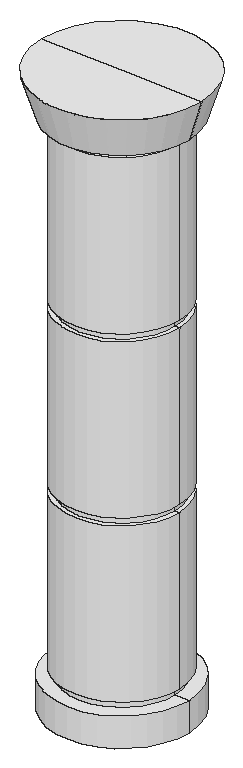
Revit family
Parameters (values of type "610mm 지름")
  베이스 = 152.00 mm
  기둥 머리 = 203.00 mm
  지름 = 610.00 mm
  재료 = 금속 - 알루미늄
  조인트 깊이 = 25.00 mm
  조인트 폭 = 38.00 mm
  간격띄우기 베이스 레벨 = 0.00 mm
  간격띄우기 상단 레벨 = 0.00 mm
Reference planes
  plane 1: y = 0
  plane 2: z = 0
  plane 3: x = 0
  plane 4: x = -305
  plane 5: x = 305
  plane 6: y = 305
  plane 7: y = -305
  plane 8: z = 152
  plane 9: z = 171
  plane 10: z = 190
  plane 11: z = 2778
  plane 12: z = 2797
  plane 13: z = 2759
  plane 14: z = 1909
  plane 15: z = 1040
  plane 16: z = 3000
  plane 17: z = 0
Forms (mm)
  Revolve 1, solid, material "금속 - 알루미늄" <- "재료"
    sketch origin (0, 0, 0) x (1, 0, 0) y (0, 0, 1)
      loop
        line (0, 0) -> (-355.8, 0) -> (-355.8, 152) -> (-280, 152) -> (-280, 190) -> (-305, 190) -> (-305, 1021) -> (-280, 1021) -> (-280, 1059) -> (-305, 1059) -> (-305, 1890) -> (-280, 1890) -> (-280, 1928) -> (-305, 1928) -> (-305, 2759) -> (-280, 2759) -> (-280, 2797) -> (-355.8, 2797) -> (-419.3, 3000) -> (0, 3000)
      axis (0, 3000) -> (0, 0)
    angle from 0 to 360
Lines and regions (mm)
  symbolic lines, style "Columns"
    curve 1: arc (-280, 0, 0) -> (0, 280, 0) -> (280, 0, 0) r 280
    curve 2: arc (280, 0, 0) -> (0, -280, 0) -> (-280, 0, 0) r 280
    curve 3: arc (-305, 0, 0) -> (0, 305, 0) -> (305, 0, 0) r 305
    curve 4: arc (305, 0, 0) -> (0, -305, 0) -> (-305, 0, 0) r 305
  symbolic lines
    curve 5: arc (-355.8, 0, 0) -> (0, 355.8, 0) -> (355.8, 0, 0) r 355.8
    curve 6: arc (355.8, 0, 0) -> (0, -355.8, 0) -> (-355.8, 0, 0) r 355.8
Dimensions and locks
  equal spacing: plane 4, plane 3, plane 5
  equal spacing: plane 7, plane 1, plane 6
  "지름": plane 4 to plane 5
  "지름": plane 7 to plane 6
  equal spacing: plane 12, plane 11, plane 13
  equal spacing: plane 10, plane 9, plane 8
  equal spacing: plane 11, plane 14, plane 15, plane 9
  "조인트 폭": plane 12 to plane 13
  equal spacing: Revolve 1 sketch curve, plane 14, Revolve 1 sketch curve
  "조인트 폭": Revolve 1 sketch curve to Revolve 1 sketch curve  (x2)
  equal spacing: Revolve 1 sketch curve, plane 15, Revolve 1 sketch curve
  "조인트 폭": plane 10 to plane 8
  "조인트 깊이": plane 4 to Revolve 1 sketch curve  (x4)
  "간격띄우기 베이스 레벨": plane 17 to level
  "간격띄우기 상단 레벨": level to plane 16
  "베이스": plane 8 to plane 17
  "기둥 머리": plane 16 to plane 12
  aligned and locked: plane 17 to Revolve 1 sketch curve
  aligned and locked: Revolve 1 sketch curve to plane 16
  aligned and locked: curve 1 to Revolve 1
  aligned and locked: curve 3 to Revolve 1
  aligned and locked: curve 5 to Revolve 1
Automatic sketch dimensions
  Revolve 1 sketch curve to plane 8 = 0.00 mm
  Revolve 1 sketch curve to plane 12 = 0.00 mm
  Revolve 1 sketch curve to plane 4 = 0.00 mm  (x3)
  Revolve 1 sketch curve to plane 13 = 0.00 mm
  Revolve 1 sketch curve to plane 10 = 0.00 mm
  Revolve 1 sketch curve to plane 3 = 0.00 mm
  plane 4 to Revolve 1 sketch curve = 114.30 mm
  plane 4 to Revolve 1 sketch curve = 50.80 mm  (x2)
